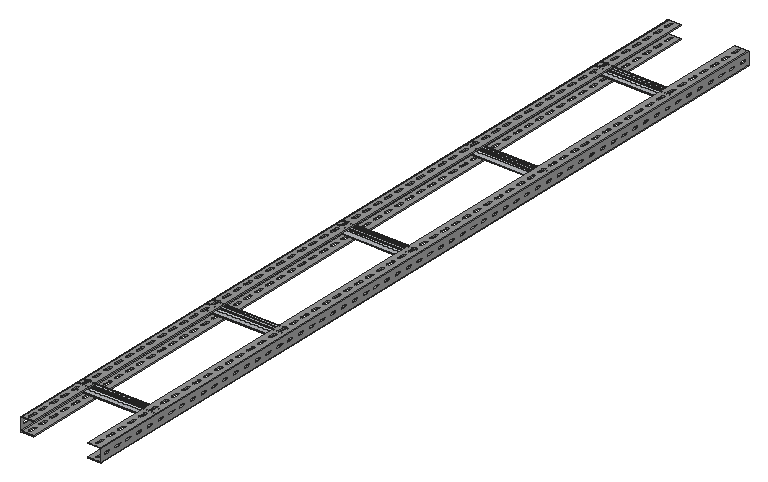
Revit family "steigeleiter_3_FT_FTSO_FTK_A2_A4.300rfa", category Generic Models, Revit 2017 (continued)
Forms (mm)
  Extrusion 306, void
    sketch origin (0, 200, 0) x (0, 1, 0) y (0, 0, 1)
      loop
        line (34.5, 30.5) -> (15.5, 30.5)
        arc (15.5, 30.5) -> (10, 25) -> (15.5, 19.5) r 5.5
        line (15.5, 19.5) -> (34.5, 19.5)
        arc (34.5, 19.5) -> (40, 25) -> (34.5, 30.5) r 5.5
    from -150 to -147.5
  Extrusion 307, void
    sketch origin (0, 250, 0) x (0, 1, 0) y (0, 0, 1)
      loop
        line (34.5, 30.5) -> (15.5, 30.5)
        arc (15.5, 30.5) -> (10, 25) -> (15.5, 19.5) r 5.5
        line (15.5, 19.5) -> (34.5, 19.5)
        arc (34.5, 19.5) -> (40, 25) -> (34.5, 30.5) r 5.5
    from -150 to -147.5
  Extrusion 308, void
    sketch origin (0, 300, 0) x (0, 1, 0) y (0, 0, 1)
      loop
        line (34.5, 30.5) -> (15.5, 30.5)
        arc (15.5, 30.5) -> (10, 25) -> (15.5, 19.5) r 5.5
        line (15.5, 19.5) -> (34.5, 19.5)
        arc (34.5, 19.5) -> (40, 25) -> (34.5, 30.5) r 5.5
    from -150 to -147.5
  Extrusion 309, void
    sketch origin (0, 350, 0) x (0, 1, 0) y (0, 0, 1)
      loop
        line (34.5, 30.5) -> (15.5, 30.5)
        arc (15.5, 30.5) -> (10, 25) -> (15.5, 19.5) r 5.5
        line (15.5, 19.5) -> (34.5, 19.5)
        arc (34.5, 19.5) -> (40, 25) -> (34.5, 30.5) r 5.5
    from -150 to -147.5
  Extrusion 310, void
    sketch origin (0, 400, 0) x (0, 1, 0) y (0, 0, 1)
      loop
        line (34.5, 30.5) -> (15.5, 30.5)
        arc (15.5, 30.5) -> (10, 25) -> (15.5, 19.5) r 5.5
        line (15.5, 19.5) -> (34.5, 19.5)
        arc (34.5, 19.5) -> (40, 25) -> (34.5, 30.5) r 5.5
    from -150 to -147.5
  Extrusion 311, void
    sketch origin (0, 450, 0) x (0, 1, 0) y (0, 0, 1)
      loop
        line (34.5, 30.5) -> (15.5, 30.5)
        arc (15.5, 30.5) -> (10, 25) -> (15.5, 19.5) r 5.5
        line (15.5, 19.5) -> (34.5, 19.5)
        arc (34.5, 19.5) -> (40, 25) -> (34.5, 30.5) r 5.5
    from -150 to -147.5
  Extrusion 312, void
    sketch origin (0, 500, 0) x (0, 1, 0) y (0, 0, 1)
      loop
        line (34.5, 30.5) -> (15.5, 30.5)
        arc (15.5, 30.5) -> (10, 25) -> (15.5, 19.5) r 5.5
        line (15.5, 19.5) -> (34.5, 19.5)
        arc (34.5, 19.5) -> (40, 25) -> (34.5, 30.5) r 5.5
    from -150 to -147.5
  Extrusion 313, void
    sketch origin (0, 550, 0) x (0, 1, 0) y (0, 0, 1)
      loop
        line (34.5, 30.5) -> (15.5, 30.5)
        arc (15.5, 30.5) -> (10, 25) -> (15.5, 19.5) r 5.5
        line (15.5, 19.5) -> (34.5, 19.5)
        arc (34.5, 19.5) -> (40, 25) -> (34.5, 30.5) r 5.5
    from -150 to -147.5
  Extrusion 314, void
    sketch origin (0, 600, 0) x (0, 1, 0) y (0, 0, 1)
      loop
        line (34.5, 30.5) -> (15.5, 30.5)
        arc (15.5, 30.5) -> (10, 25) -> (15.5, 19.5) r 5.5
        line (15.5, 19.5) -> (34.5, 19.5)
        arc (34.5, 19.5) -> (40, 25) -> (34.5, 30.5) r 5.5
    from -150 to -147.5
  Extrusion 315, void
    sketch origin (0, 650, 0) x (0, 1, 0) y (0, 0, 1)
      loop
        line (34.5, 30.5) -> (15.5, 30.5)
        arc (15.5, 30.5) -> (10, 25) -> (15.5, 19.5) r 5.5
        line (15.5, 19.5) -> (34.5, 19.5)
        arc (34.5, 19.5) -> (40, 25) -> (34.5, 30.5) r 5.5
    from -150 to -147.5
  Extrusion 316, void
    sketch origin (0, 700, 0) x (0, 1, 0) y (0, 0, 1)
      loop
        line (34.5, 30.5) -> (15.5, 30.5)
        arc (15.5, 30.5) -> (10, 25) -> (15.5, 19.5) r 5.5
        line (15.5, 19.5) -> (34.5, 19.5)
        arc (34.5, 19.5) -> (40, 25) -> (34.5, 30.5) r 5.5
    from -150 to -147.5
  Extrusion 317, void
    sketch origin (0, 750, 0) x (0, 1, 0) y (0, 0, 1)
      loop
        line (34.5, 30.5) -> (15.5, 30.5)
        arc (15.5, 30.5) -> (10, 25) -> (15.5, 19.5) r 5.5
        line (15.5, 19.5) -> (34.5, 19.5)
        arc (34.5, 19.5) -> (40, 25) -> (34.5, 30.5) r 5.5
    from -150 to -147.5
  Extrusion 318, void
    sketch origin (0, 800, 0) x (0, 1, 0) y (0, 0, 1)
      loop
        line (34.5, 30.5) -> (15.5, 30.5)
        arc (15.5, 30.5) -> (10, 25) -> (15.5, 19.5) r 5.5
        line (15.5, 19.5) -> (34.5, 19.5)
        arc (34.5, 19.5) -> (40, 25) -> (34.5, 30.5) r 5.5
    from -150 to -147.5
  Extrusion 319, void
    sketch origin (0, 850, 0) x (0, 1, 0) y (0, 0, 1)
      loop
        line (34.5, 30.5) -> (15.5, 30.5)
        arc (15.5, 30.5) -> (10, 25) -> (15.5, 19.5) r 5.5
        line (15.5, 19.5) -> (34.5, 19.5)
        arc (34.5, 19.5) -> (40, 25) -> (34.5, 30.5) r 5.5
    from -150 to -147.5
  Extrusion 320, void
    sketch origin (0, 900, 0) x (0, 1, 0) y (0, 0, 1)
      loop
        line (34.5, 30.5) -> (15.5, 30.5)
        arc (15.5, 30.5) -> (10, 25) -> (15.5, 19.5) r 5.5
        line (15.5, 19.5) -> (34.5, 19.5)
        arc (34.5, 19.5) -> (40, 25) -> (34.5, 30.5) r 5.5
    from -150 to -147.5
  Extrusion 321, void
    sketch origin (0, 950, 0) x (0, 1, 0) y (0, 0, 1)
      loop
        line (34.5, 30.5) -> (15.5, 30.5)
        arc (15.5, 30.5) -> (10, 25) -> (15.5, 19.5) r 5.5
        line (15.5, 19.5) -> (34.5, 19.5)
        arc (34.5, 19.5) -> (40, 25) -> (34.5, 30.5) r 5.5
    from -150 to -147.5
  Extrusion 322, void
    sketch origin (0, 1000, 0) x (0, 1, 0) y (0, 0, 1)
      loop
        line (34.5, 30.5) -> (15.5, 30.5)
        arc (15.5, 30.5) -> (10, 25) -> (15.5, 19.5) r 5.5
        line (15.5, 19.5) -> (34.5, 19.5)
        arc (34.5, 19.5) -> (40, 25) -> (34.5, 30.5) r 5.5
    from -150 to -147.5
  Extrusion 323, void
    sketch origin (0, 1050, 0) x (0, 1, 0) y (0, 0, 1)
      loop
        line (34.5, 30.5) -> (15.5, 30.5)
        arc (15.5, 30.5) -> (10, 25) -> (15.5, 19.5) r 5.5
        line (15.5, 19.5) -> (34.5, 19.5)
        arc (34.5, 19.5) -> (40, 25) -> (34.5, 30.5) r 5.5
    from -150 to -147.5
  Extrusion 324, void
    sketch origin (0, 1100, 0) x (0, 1, 0) y (0, 0, 1)
      loop
        line (34.5, 30.5) -> (15.5, 30.5)
        arc (15.5, 30.5) -> (10, 25) -> (15.5, 19.5) r 5.5
        line (15.5, 19.5) -> (34.5, 19.5)
        arc (34.5, 19.5) -> (40, 25) -> (34.5, 30.5) r 5.5
    from -150 to -147.5
  Extrusion 325, void
    sketch origin (0, 1150, 0) x (0, 1, 0) y (0, 0, 1)
      loop
        line (34.5, 30.5) -> (15.5, 30.5)
        arc (15.5, 30.5) -> (10, 25) -> (15.5, 19.5) r 5.5
        line (15.5, 19.5) -> (34.5, 19.5)
        arc (34.5, 19.5) -> (40, 25) -> (34.5, 30.5) r 5.5
    from -150 to -147.5
  Extrusion 326, void
    sketch origin (0, 1200, 0) x (0, 1, 0) y (0, 0, 1)
      loop
        line (34.5, 30.5) -> (15.5, 30.5)
        arc (15.5, 30.5) -> (10, 25) -> (15.5, 19.5) r 5.5
        line (15.5, 19.5) -> (34.5, 19.5)
        arc (34.5, 19.5) -> (40, 25) -> (34.5, 30.5) r 5.5
    from -150 to -147.5
  Extrusion 327, void
    sketch origin (0, 1250, 0) x (0, 1, 0) y (0, 0, 1)
      loop
        line (34.5, 30.5) -> (15.5, 30.5)
        arc (15.5, 30.5) -> (10, 25) -> (15.5, 19.5) r 5.5
        line (15.5, 19.5) -> (34.5, 19.5)
        arc (34.5, 19.5) -> (40, 25) -> (34.5, 30.5) r 5.5
    from -150 to -147.5
  Extrusion 328, void
    sketch origin (0, 1300, 0) x (0, 1, 0) y (0, 0, 1)
      loop
        line (34.5, 30.5) -> (15.5, 30.5)
        arc (15.5, 30.5) -> (10, 25) -> (15.5, 19.5) r 5.5
        line (15.5, 19.5) -> (34.5, 19.5)
        arc (34.5, 19.5) -> (40, 25) -> (34.5, 30.5) r 5.5
    from -150 to -147.5
  Extrusion 329, void
    sketch origin (0, 1350, 0) x (0, 1, 0) y (0, 0, 1)
      loop
        line (34.5, 30.5) -> (15.5, 30.5)
        arc (15.5, 30.5) -> (10, 25) -> (15.5, 19.5) r 5.5
        line (15.5, 19.5) -> (34.5, 19.5)
        arc (34.5, 19.5) -> (40, 25) -> (34.5, 30.5) r 5.5
    from -150 to -147.5
  Extrusion 330, void
    sketch origin (0, 1400, 0) x (0, 1, 0) y (0, 0, 1)
      loop
        line (34.5, 30.5) -> (15.5, 30.5)
        arc (15.5, 30.5) -> (10, 25) -> (15.5, 19.5) r 5.5
        line (15.5, 19.5) -> (34.5, 19.5)
        arc (34.5, 19.5) -> (40, 25) -> (34.5, 30.5) r 5.5
    from -150 to -147.5
  Extrusion 331, void
    sketch origin (0, 1450, 0) x (0, 1, 0) y (0, 0, 1)
      loop
        line (34.5, 30.5) -> (15.5, 30.5)
        arc (15.5, 30.5) -> (10, 25) -> (15.5, 19.5) r 5.5
        line (15.5, 19.5) -> (34.5, 19.5)
        arc (34.5, 19.5) -> (40, 25) -> (34.5, 30.5) r 5.5
    from -150 to -147.5
  Extrusion 332, void
    sketch origin (0, 1500, 0) x (0, 1, 0) y (0, 0, 1)
      loop
        line (34.5, 30.5) -> (15.5, 30.5)
        arc (15.5, 30.5) -> (10, 25) -> (15.5, 19.5) r 5.5
        line (15.5, 19.5) -> (34.5, 19.5)
        arc (34.5, 19.5) -> (40, 25) -> (34.5, 30.5) r 5.5
    from -150 to -147.5
  Extrusion 333, void
    sketch origin (0, 1550, 0) x (0, 1, 0) y (0, 0, 1)
      loop
        line (34.5, 30.5) -> (15.5, 30.5)
        arc (15.5, 30.5) -> (10, 25) -> (15.5, 19.5) r 5.5
        line (15.5, 19.5) -> (34.5, 19.5)
        arc (34.5, 19.5) -> (40, 25) -> (34.5, 30.5) r 5.5
    from -150 to -147.5
  Extrusion 334, void
    sketch origin (0, 1600, 0) x (0, 1, 0) y (0, 0, 1)
      loop
        line (34.5, 30.5) -> (15.5, 30.5)
        arc (15.5, 30.5) -> (10, 25) -> (15.5, 19.5) r 5.5
        line (15.5, 19.5) -> (34.5, 19.5)
        arc (34.5, 19.5) -> (40, 25) -> (34.5, 30.5) r 5.5
    from -150 to -147.5
  Extrusion 335, void
    sketch origin (0, 1650, 0) x (0, 1, 0) y (0, 0, 1)
      loop
        line (34.5, 30.5) -> (15.5, 30.5)
        arc (15.5, 30.5) -> (10, 25) -> (15.5, 19.5) r 5.5
        line (15.5, 19.5) -> (34.5, 19.5)
        arc (34.5, 19.5) -> (40, 25) -> (34.5, 30.5) r 5.5
    from -150 to -147.5
  Extrusion 336, void
    sketch origin (0, 1700, 0) x (0, 1, 0) y (0, 0, 1)
      loop
        line (34.5, 30.5) -> (15.5, 30.5)
        arc (15.5, 30.5) -> (10, 25) -> (15.5, 19.5) r 5.5
        line (15.5, 19.5) -> (34.5, 19.5)
        arc (34.5, 19.5) -> (40, 25) -> (34.5, 30.5) r 5.5
    from -150 to -147.5
  Extrusion 337, void
    sketch origin (0, 1750, 0) x (0, 1, 0) y (0, 0, 1)
      loop
        line (34.5, 30.5) -> (15.5, 30.5)
        arc (15.5, 30.5) -> (10, 25) -> (15.5, 19.5) r 5.5
        line (15.5, 19.5) -> (34.5, 19.5)
        arc (34.5, 19.5) -> (40, 25) -> (34.5, 30.5) r 5.5
    from -150 to -147.5
  Extrusion 338, void
    sketch origin (0, 1800, 0) x (0, 1, 0) y (0, 0, 1)
      loop
        line (34.5, 30.5) -> (15.5, 30.5)
        arc (15.5, 30.5) -> (10, 25) -> (15.5, 19.5) r 5.5
        line (15.5, 19.5) -> (34.5, 19.5)
        arc (34.5, 19.5) -> (40, 25) -> (34.5, 30.5) r 5.5
    from -150 to -147.5
  Extrusion 339, void
    sketch origin (0, 1850, 0) x (0, 1, 0) y (0, 0, 1)
      loop
        line (34.5, 30.5) -> (15.5, 30.5)
        arc (15.5, 30.5) -> (10, 25) -> (15.5, 19.5) r 5.5
        line (15.5, 19.5) -> (34.5, 19.5)
        arc (34.5, 19.5) -> (40, 25) -> (34.5, 30.5) r 5.5
    from -150 to -147.5
  Extrusion 340, void
    sketch origin (0, 1900, 0) x (0, 1, 0) y (0, 0, 1)
      loop
        line (34.5, 30.5) -> (15.5, 30.5)
        arc (15.5, 30.5) -> (10, 25) -> (15.5, 19.5) r 5.5
        line (15.5, 19.5) -> (34.5, 19.5)
        arc (34.5, 19.5) -> (40, 25) -> (34.5, 30.5) r 5.5
    from -150 to -147.5
  Extrusion 341, void
    sketch origin (0, 1950, 0) x (0, 1, 0) y (0, 0, 1)
      loop
        line (34.5, 30.5) -> (15.5, 30.5)
        arc (15.5, 30.5) -> (10, 25) -> (15.5, 19.5) r 5.5
        line (15.5, 19.5) -> (34.5, 19.5)
        arc (34.5, 19.5) -> (40, 25) -> (34.5, 30.5) r 5.5
    from -150 to -147.5
  Extrusion 342, void
    sketch origin (0, 2000, 0) x (0, 1, 0) y (0, 0, 1)
      loop
        line (34.5, 30.5) -> (15.5, 30.5)
        arc (15.5, 30.5) -> (10, 25) -> (15.5, 19.5) r 5.5
        line (15.5, 19.5) -> (34.5, 19.5)
        arc (34.5, 19.5) -> (40, 25) -> (34.5, 30.5) r 5.5
    from -150 to -147.5
  Extrusion 343, void
    sketch origin (0, 2050, 0) x (0, 1, 0) y (0, 0, 1)
      loop
        line (34.5, 30.5) -> (15.5, 30.5)
        arc (15.5, 30.5) -> (10, 25) -> (15.5, 19.5) r 5.5
        line (15.5, 19.5) -> (34.5, 19.5)
        arc (34.5, 19.5) -> (40, 25) -> (34.5, 30.5) r 5.5
    from -150 to -147.5
  Extrusion 344, void
    sketch origin (0, 2100, 0) x (0, 1, 0) y (0, 0, 1)
      loop
        line (34.5, 30.5) -> (15.5, 30.5)
        arc (15.5, 30.5) -> (10, 25) -> (15.5, 19.5) r 5.5
        line (15.5, 19.5) -> (34.5, 19.5)
        arc (34.5, 19.5) -> (40, 25) -> (34.5, 30.5) r 5.5
    from -150 to -147.5
  Extrusion 345, void
    sketch origin (0, 2150, 0) x (0, 1, 0) y (0, 0, 1)
      loop
        line (34.5, 30.5) -> (15.5, 30.5)
        arc (15.5, 30.5) -> (10, 25) -> (15.5, 19.5) r 5.5
        line (15.5, 19.5) -> (34.5, 19.5)
        arc (34.5, 19.5) -> (40, 25) -> (34.5, 30.5) r 5.5
    from -150 to -147.5
  Extrusion 346, void
    sketch origin (0, 2200, 0) x (0, 1, 0) y (0, 0, 1)
      loop
        line (34.5, 30.5) -> (15.5, 30.5)
        arc (15.5, 30.5) -> (10, 25) -> (15.5, 19.5) r 5.5
        line (15.5, 19.5) -> (34.5, 19.5)
        arc (34.5, 19.5) -> (40, 25) -> (34.5, 30.5) r 5.5
    from -150 to -147.5
  Extrusion 347, void
    sketch origin (0, 2250, 0) x (0, 1, 0) y (0, 0, 1)
      loop
        line (34.5, 30.5) -> (15.5, 30.5)
        arc (15.5, 30.5) -> (10, 25) -> (15.5, 19.5) r 5.5
        line (15.5, 19.5) -> (34.5, 19.5)
        arc (34.5, 19.5) -> (40, 25) -> (34.5, 30.5) r 5.5
    from -150 to -147.5
  Extrusion 348, void
    sketch origin (0, 2300, 0) x (0, 1, 0) y (0, 0, 1)
      loop
        line (34.5, 30.5) -> (15.5, 30.5)
        arc (15.5, 30.5) -> (10, 25) -> (15.5, 19.5) r 5.5
        line (15.5, 19.5) -> (34.5, 19.5)
        arc (34.5, 19.5) -> (40, 25) -> (34.5, 30.5) r 5.5
    from -150 to -147.5
  Extrusion 349, void
    sketch origin (0, 2350, 0) x (0, 1, 0) y (0, 0, 1)
      loop
        line (34.5, 30.5) -> (15.5, 30.5)
        arc (15.5, 30.5) -> (10, 25) -> (15.5, 19.5) r 5.5
        line (15.5, 19.5) -> (34.5, 19.5)
        arc (34.5, 19.5) -> (40, 25) -> (34.5, 30.5) r 5.5
    from -150 to -147.5
  Extrusion 350, void
    sketch origin (0, 2400, 0) x (0, 1, 0) y (0, 0, 1)
      loop
        line (34.5, 30.5) -> (15.5, 30.5)
        arc (15.5, 30.5) -> (10, 25) -> (15.5, 19.5) r 5.5
        line (15.5, 19.5) -> (34.5, 19.5)
        arc (34.5, 19.5) -> (40, 25) -> (34.5, 30.5) r 5.5
    from -150 to -147.5
  Extrusion 351, void
    sketch origin (0, 2450, 0) x (0, 1, 0) y (0, 0, 1)
      loop
        line (34.5, 30.5) -> (15.5, 30.5)
        arc (15.5, 30.5) -> (10, 25) -> (15.5, 19.5) r 5.5
        line (15.5, 19.5) -> (34.5, 19.5)
        arc (34.5, 19.5) -> (40, 25) -> (34.5, 30.5) r 5.5
    from -150 to -147.5
  Extrusion 352, void
    sketch origin (0, 2500, 0) x (0, 1, 0) y (0, 0, 1)
      loop
        line (34.5, 30.5) -> (15.5, 30.5)
        arc (15.5, 30.5) -> (10, 25) -> (15.5, 19.5) r 5.5
        line (15.5, 19.5) -> (34.5, 19.5)
        arc (34.5, 19.5) -> (40, 25) -> (34.5, 30.5) r 5.5
    from -150 to -147.5
  Extrusion 353, void
    sketch origin (0, 2550, 0) x (0, 1, 0) y (0, 0, 1)
      loop
        line (34.5, 30.5) -> (15.5, 30.5)
        arc (15.5, 30.5) -> (10, 25) -> (15.5, 19.5) r 5.5
        line (15.5, 19.5) -> (34.5, 19.5)
        arc (34.5, 19.5) -> (40, 25) -> (34.5, 30.5) r 5.5
    from -150 to -147.5
  Extrusion 354, void
    sketch origin (0, 2600, 0) x (0, 1, 0) y (0, 0, 1)
      loop
        line (34.5, 30.5) -> (15.5, 30.5)
        arc (15.5, 30.5) -> (10, 25) -> (15.5, 19.5) r 5.5
        line (15.5, 19.5) -> (34.5, 19.5)
        arc (34.5, 19.5) -> (40, 25) -> (34.5, 30.5) r 5.5
    from -150 to -147.5
  Extrusion 355, void
    sketch origin (0, 2650, 0) x (0, 1, 0) y (0, 0, 1)
      loop
        line (34.5, 30.5) -> (15.5, 30.5)
        arc (15.5, 30.5) -> (10, 25) -> (15.5, 19.5) r 5.5
        line (15.5, 19.5) -> (34.5, 19.5)
        arc (34.5, 19.5) -> (40, 25) -> (34.5, 30.5) r 5.5
    from -150 to -147.5
  Extrusion 356, void
    sketch origin (0, 2700, 0) x (0, 1, 0) y (0, 0, 1)
      loop
        line (34.5, 30.5) -> (15.5, 30.5)
        arc (15.5, 30.5) -> (10, 25) -> (15.5, 19.5) r 5.5
        line (15.5, 19.5) -> (34.5, 19.5)
        arc (34.5, 19.5) -> (40, 25) -> (34.5, 30.5) r 5.5
    from -150 to -147.5
  Extrusion 357, void
    sketch origin (0, 2750, 0) x (0, 1, 0) y (0, 0, 1)
      loop
        line (34.5, 30.5) -> (15.5, 30.5)
        arc (15.5, 30.5) -> (10, 25) -> (15.5, 19.5) r 5.5
        line (15.5, 19.5) -> (34.5, 19.5)
        arc (34.5, 19.5) -> (40, 25) -> (34.5, 30.5) r 5.5
    from -150 to -147.5
  Extrusion 358, void
    sketch origin (0, 2800, 0) x (0, 1, 0) y (0, 0, 1)
      loop
        line (34.5, 30.5) -> (15.5, 30.5)
        arc (15.5, 30.5) -> (10, 25) -> (15.5, 19.5) r 5.5
        line (15.5, 19.5) -> (34.5, 19.5)
        arc (34.5, 19.5) -> (40, 25) -> (34.5, 30.5) r 5.5
    from -150 to -147.5
  Extrusion 359, void
    sketch origin (0, 2850, 0) x (0, 1, 0) y (0, 0, 1)
      loop
        line (34.5, 30.5) -> (15.5, 30.5)
        arc (15.5, 30.5) -> (10, 25) -> (15.5, 19.5) r 5.5
        line (15.5, 19.5) -> (34.5, 19.5)
        arc (34.5, 19.5) -> (40, 25) -> (34.5, 30.5) r 5.5
    from -150 to -147.5
  Extrusion 360, void
    sketch origin (0, 2900, 0) x (0, 1, 0) y (0, 0, 1)
      loop
        line (34.5, 30.5) -> (15.5, 30.5)
        arc (15.5, 30.5) -> (10, 25) -> (15.5, 19.5) r 5.5
        line (15.5, 19.5) -> (34.5, 19.5)
        arc (34.5, 19.5) -> (40, 25) -> (34.5, 30.5) r 5.5
    from -150 to -147.5
  Extrusion 361, void
    sketch origin (0, 2950, 0) x (0, 1, 0) y (0, 0, 1)
      loop
        line (34.5, 30.5) -> (15.5, 30.5)
        arc (15.5, 30.5) -> (10, 25) -> (15.5, 19.5) r 5.5
        line (15.5, 19.5) -> (34.5, 19.5)
        arc (34.5, 19.5) -> (40, 25) -> (34.5, 30.5) r 5.5
    from -150 to -147.5
  Extrusion 362, solid
    sketch origin (0, 0, 0) x (0, 1, 0) y (0, 0, 1)
      loop
        arc (257.5, 27.041) -> (256.086, 27.627) -> (255.5, 29.041) r 2
        line (255.5, 29.041) -> (255.5, 43.5)
        arc (255.5, 43.5) -> (256.086, 44.914) -> (257.5, 45.5) r 2
        line (257.5, 45.5) -> (261.5, 45.5)
        arc (261.5, 45.5) -> (262.207, 45.207) -> (262.5, 44.5) r 1
        line (262.5, 44.5) -> (262.5, 42) -> (264.5, 42) -> (264.5, 44.5)
        arc (264.5, 44.5) -> (263.621, 46.621) -> (261.5, 47.5) r 3
        line (261.5, 47.5) -> (257.5, 47.5)
        arc (257.5, 47.5) -> (254.672, 46.328) -> (253.5, 43.5) r 4
        line (253.5, 43.5) -> (253.5, 29.041)
        arc (253.5, 29.041) -> (254.672, 26.213) -> (257.5, 25.041) r 4
        line (257.5, 25.041) -> (289.619, 25.041)
        arc (289.619, 25.041) -> (292.504, 26.236) -> (293.698, 29.121) r 4.079
        line (293.698, 29.121) -> (293.698, 43.416)
        arc (293.698, 43.416) -> (292.502, 46.304) -> (289.614, 47.5) r 4.084
        line (289.614, 47.5) -> (285.48, 47.5)
        arc (285.48, 47.5) -> (283.365, 46.624) -> (282.488, 44.508) r 2.992
        line (282.488, 44.508) -> (282.488, 42) -> (284.488, 42) -> (284.488, 44.528)
        arc (284.488, 44.528) -> (284.773, 45.215) -> (285.46, 45.5) r 0.972
        line (285.46, 45.5) -> (289.713, 45.5)
        arc (289.713, 45.5) -> (291.117, 44.919) -> (291.698, 43.515) r 1.985
        line (291.698, 43.515) -> (291.698, 29.041)
        arc (291.698, 29.041) -> (291.113, 27.627) -> (289.698, 27.041) r 2
        line (289.698, 27.041) -> (257.5, 27.041)
    from -147.5 to 147.5
  Extrusion 363, solid
    sketch origin (0, 600, 0) x (0, 1, 0) y (0, 0, 1)
      loop
        arc (257.5, 27.041) -> (256.086, 27.627) -> (255.5, 29.041) r 2
        line (255.5, 29.041) -> (255.5, 43.5)
        arc (255.5, 43.5) -> (256.086, 44.914) -> (257.5, 45.5) r 2
        line (257.5, 45.5) -> (261.5, 45.5)
        arc (261.5, 45.5) -> (262.207, 45.207) -> (262.5, 44.5) r 1
        line (262.5, 44.5) -> (262.5, 42) -> (264.5, 42) -> (264.5, 44.5)
        arc (264.5, 44.5) -> (263.621, 46.621) -> (261.5, 47.5) r 3
        line (261.5, 47.5) -> (257.5, 47.5)
        arc (257.5, 47.5) -> (254.672, 46.328) -> (253.5, 43.5) r 4
        line (253.5, 43.5) -> (253.5, 29.041)
        arc (253.5, 29.041) -> (254.672, 26.213) -> (257.5, 25.041) r 4
        line (257.5, 25.041) -> (289.619, 25.041)
        arc (289.619, 25.041) -> (292.504, 26.236) -> (293.698, 29.121) r 4.079
        line (293.698, 29.121) -> (293.698, 43.416)
        arc (293.698, 43.416) -> (292.502, 46.304) -> (289.614, 47.5) r 4.084
        line (289.614, 47.5) -> (285.48, 47.5)
        arc (285.48, 47.5) -> (283.365, 46.624) -> (282.488, 44.508) r 2.992
        line (282.488, 44.508) -> (282.488, 42) -> (284.488, 42) -> (284.488, 44.528)
        arc (284.488, 44.528) -> (284.773, 45.215) -> (285.46, 45.5) r 0.972
        line (285.46, 45.5) -> (289.713, 45.5)
        arc (289.713, 45.5) -> (291.117, 44.919) -> (291.698, 43.515) r 1.985
        line (291.698, 43.515) -> (291.698, 29.041)
        arc (291.698, 29.041) -> (291.113, 27.627) -> (289.698, 27.041) r 2
        line (289.698, 27.041) -> (257.5, 27.041)
    from -147.5 to 147.5
  Extrusion 364, solid
    sketch origin (0, 1200, 0) x (0, 1, 0) y (0, 0, 1)
      loop
        arc (257.5, 27.041) -> (256.086, 27.627) -> (255.5, 29.041) r 2
        line (255.5, 29.041) -> (255.5, 43.5)
        arc (255.5, 43.5) -> (256.086, 44.914) -> (257.5, 45.5) r 2
        line (257.5, 45.5) -> (261.5, 45.5)
        arc (261.5, 45.5) -> (262.207, 45.207) -> (262.5, 44.5) r 1
        line (262.5, 44.5) -> (262.5, 42) -> (264.5, 42) -> (264.5, 44.5)
        arc (264.5, 44.5) -> (263.621, 46.621) -> (261.5, 47.5) r 3
        line (261.5, 47.5) -> (257.5, 47.5)
        arc (257.5, 47.5) -> (254.672, 46.328) -> (253.5, 43.5) r 4
        line (253.5, 43.5) -> (253.5, 29.041)
        arc (253.5, 29.041) -> (254.672, 26.213) -> (257.5, 25.041) r 4
        line (257.5, 25.041) -> (289.619, 25.041)
        arc (289.619, 25.041) -> (292.504, 26.236) -> (293.698, 29.121) r 4.079
        line (293.698, 29.121) -> (293.698, 43.416)
        arc (293.698, 43.416) -> (292.502, 46.304) -> (289.614, 47.5) r 4.084
        line (289.614, 47.5) -> (285.48, 47.5)
        arc (285.48, 47.5) -> (283.365, 46.624) -> (282.488, 44.508) r 2.992
        line (282.488, 44.508) -> (282.488, 42) -> (284.488, 42) -> (284.488, 44.528)
        arc (284.488, 44.528) -> (284.773, 45.215) -> (285.46, 45.5) r 0.972
        line (285.46, 45.5) -> (289.713, 45.5)
        arc (289.713, 45.5) -> (291.117, 44.919) -> (291.698, 43.515) r 1.985
        line (291.698, 43.515) -> (291.698, 29.041)
        arc (291.698, 29.041) -> (291.113, 27.627) -> (289.698, 27.041) r 2
        line (289.698, 27.041) -> (257.5, 27.041)
    from -147.5 to 147.5
  Extrusion 365, solid
    sketch origin (0, 1800, 0) x (0, 1, 0) y (0, 0, 1)
      loop
        arc (257.5, 27.041) -> (256.086, 27.627) -> (255.5, 29.041) r 2
        line (255.5, 29.041) -> (255.5, 43.5)
        arc (255.5, 43.5) -> (256.086, 44.914) -> (257.5, 45.5) r 2
        line (257.5, 45.5) -> (261.5, 45.5)
        arc (261.5, 45.5) -> (262.207, 45.207) -> (262.5, 44.5) r 1
        line (262.5, 44.5) -> (262.5, 42) -> (264.5, 42) -> (264.5, 44.5)
        arc (264.5, 44.5) -> (263.621, 46.621) -> (261.5, 47.5) r 3
        line (261.5, 47.5) -> (257.5, 47.5)
        arc (257.5, 47.5) -> (254.672, 46.328) -> (253.5, 43.5) r 4
        line (253.5, 43.5) -> (253.5, 29.041)
        arc (253.5, 29.041) -> (254.672, 26.213) -> (257.5, 25.041) r 4
        line (257.5, 25.041) -> (289.619, 25.041)
        arc (289.619, 25.041) -> (292.504, 26.236) -> (293.698, 29.121) r 4.079
        line (293.698, 29.121) -> (293.698, 43.416)
        arc (293.698, 43.416) -> (292.502, 46.304) -> (289.614, 47.5) r 4.084
        line (289.614, 47.5) -> (285.48, 47.5)
        arc (285.48, 47.5) -> (283.365, 46.624) -> (282.488, 44.508) r 2.992
        line (282.488, 44.508) -> (282.488, 42) -> (284.488, 42) -> (284.488, 44.528)
        arc (284.488, 44.528) -> (284.773, 45.215) -> (285.46, 45.5) r 0.972
        line (285.46, 45.5) -> (289.713, 45.5)
        arc (289.713, 45.5) -> (291.117, 44.919) -> (291.698, 43.515) r 1.985
        line (291.698, 43.515) -> (291.698, 29.041)
        arc (291.698, 29.041) -> (291.113, 27.627) -> (289.698, 27.041) r 2
        line (289.698, 27.041) -> (257.5, 27.041)
    from -147.5 to 147.5
  Extrusion 366, solid
    sketch origin (0, 2400, 0) x (0, 1, 0) y (0, 0, 1)
      loop
        arc (257.5, 27.041) -> (256.086, 27.627) -> (255.5, 29.041) r 2
        line (255.5, 29.041) -> (255.5, 43.5)
        arc (255.5, 43.5) -> (256.086, 44.914) -> (257.5, 45.5) r 2
        line (257.5, 45.5) -> (261.5, 45.5)
        arc (261.5, 45.5) -> (262.207, 45.207) -> (262.5, 44.5) r 1
        line (262.5, 44.5) -> (262.5, 42) -> (264.5, 42) -> (264.5, 44.5)
        arc (264.5, 44.5) -> (263.621, 46.621) -> (261.5, 47.5) r 3
        line (261.5, 47.5) -> (257.5, 47.5)
        arc (257.5, 47.5) -> (254.672, 46.328) -> (253.5, 43.5) r 4
        line (253.5, 43.5) -> (253.5, 29.041)
        arc (253.5, 29.041) -> (254.672, 26.213) -> (257.5, 25.041) r 4
        line (257.5, 25.041) -> (289.619, 25.041)
        arc (289.619, 25.041) -> (292.504, 26.236) -> (293.698, 29.121) r 4.079
        line (293.698, 29.121) -> (293.698, 43.416)
        arc (293.698, 43.416) -> (292.502, 46.304) -> (289.614, 47.5) r 4.084
        line (289.614, 47.5) -> (285.48, 47.5)
        arc (285.48, 47.5) -> (283.365, 46.624) -> (282.488, 44.508) r 2.992
        line (282.488, 44.508) -> (282.488, 42) -> (284.488, 42) -> (284.488, 44.528)
        arc (284.488, 44.528) -> (284.773, 45.215) -> (285.46, 45.5) r 0.972
        line (285.46, 45.5) -> (289.713, 45.5)
        arc (289.713, 45.5) -> (291.117, 44.919) -> (291.698, 43.515) r 1.985
        line (291.698, 43.515) -> (291.698, 29.041)
        arc (291.698, 29.041) -> (291.113, 27.627) -> (289.698, 27.041) r 2
        line (289.698, 27.041) -> (257.5, 27.041)
    from -147.5 to 147.5
Cuts and joins
  Extrusion 2, Extrusion 3, Extrusion 4, Extrusion 5, Extrusion 6, Extrusion 7, Extrusion 8, Extrusion 9, Extrusion 10, Extrusion 11, Extrusion 12, Extrusion 13, Extrusion 14, Extrusion 15, Extrusion 16, Extrusion 17, Extrusion 18, Extrusion 19, Extrusion 20, Extrusion 21, Extrusion 22, Extrusion 23, Extrusion 24, Extrusion 25, Extrusion 26, Extrusion 27, Extrusion 28, Extrusion 29, Extrusion 30, Extrusion 31, Extrusion 32, Extrusion 33, Extrusion 34, Extrusion 35, Extrusion 36, Extrusion 37, Extrusion 38, Extrusion 39, Extrusion 40, Extrusion 41, Extrusion 42, Extrusion 43, Extrusion 44, Extrusion 45, Extrusion 46, Extrusion 47, Extrusion 48, Extrusion 49, Extrusion 50, Extrusion 51, Extrusion 52, Extrusion 53, Extrusion 54, Extrusion 55, Extrusion 56, Extrusion 57, Extrusion 58, Extrusion 59, Extrusion 60, Extrusion 61, Extrusion 62, Extrusion 63, Extrusion 64, Extrusion 65, Extrusion 66, Extrusion 67, Extrusion 68, Extrusion 69, Extrusion 70, Extrusion 71, Extrusion 72, Extrusion 73, Extrusion 74, Extrusion 75, Extrusion 76, Extrusion 77, Extrusion 78, Extrusion 79, Extrusion 80, Extrusion 81, Extrusion 82, Extrusion 83, Extrusion 84, Extrusion 85, Extrusion 86, Extrusion 87, Extrusion 88, Extrusion 89, Extrusion 90, Extrusion 91, Extrusion 92, Extrusion 93, Extrusion 94, Extrusion 95, Extrusion 96, Extrusion 97, Extrusion 98, Extrusion 99, Extrusion 100, Extrusion 101, Extrusion 102, Extrusion 103, Extrusion 104, Extrusion 105, Extrusion 106, Extrusion 107, Extrusion 108, Extrusion 109, Extrusion 110, Extrusion 111, Extrusion 112, Extrusion 113, Extrusion 114, Extrusion 115, Extrusion 116, Extrusion 117, Extrusion 118, Extrusion 119, Extrusion 120, Extrusion 121, Extrusion 122, Extrusion 123, Extrusion 124, Extrusion 125, Extrusion 126, Extrusion 127, Extrusion 128, Extrusion 129, Extrusion 130, Extrusion 131, Extrusion 132, Extrusion 133, Extrusion 134, Extrusion 135, Extrusion 136, Extrusion 137, Extrusion 138, Extrusion 139, Extrusion 140, Extrusion 141, Extrusion 142, Extrusion 143, Extrusion 144, Extrusion 145, Extrusion 146, Extrusion 147, Extrusion 148, Extrusion 149, Extrusion 150, Extrusion 151, Extrusion 152, Extrusion 153, Extrusion 154, Extrusion 155, Extrusion 156, Extrusion 157, Extrusion 158, Extrusion 159, Extrusion 160, Extrusion 161, Extrusion 162, Extrusion 163, Extrusion 164, Extrusion 165, Extrusion 166, Extrusion 167, Extrusion 168, Extrusion 169, Extrusion 170, Extrusion 171, Extrusion 172, Extrusion 173, Extrusion 174, Extrusion 175, Extrusion 176, Extrusion 177, Extrusion 178, Extrusion 179, Extrusion 180, Extrusion 181, Extrusion 182, Extrusion 183, Extrusion 184, Extrusion 185, Extrusion 186, Extrusion 187, Extrusion 188, Extrusion 189, Extrusion 190, Extrusion 191, Extrusion 192, Extrusion 193, Extrusion 194, Extrusion 195, Extrusion 196, Extrusion 197, Extrusion 198, Extrusion 199, Extrusion 200, Extrusion 201, Extrusion 202, Extrusion 203, Extrusion 204, Extrusion 205, Extrusion 206, Extrusion 207, Extrusion 208, Extrusion 209, Extrusion 210, Extrusion 211, Extrusion 212, Extrusion 213, Extrusion 214, Extrusion 215, Extrusion 216, Extrusion 217, Extrusion 218, Extrusion 219, Extrusion 220, Extrusion 221, Extrusion 222, Extrusion 223, Extrusion 224, Extrusion 225, Extrusion 226, Extrusion 227, Extrusion 228, Extrusion 229, Extrusion 230, Extrusion 231, Extrusion 232, Extrusion 233, Extrusion 234, Extrusion 235, Extrusion 236, Extrusion 237, Extrusion 238, Extrusion 239, Extrusion 240, Extrusion 241, Extrusion 242, Extrusion 243, Extrusion 244, Extrusion 245, Extrusion 246, Extrusion 247, Extrusion 248, Extrusion 249, Extrusion 250, Extrusion 251, Extrusion 252, Extrusion 253, Extrusion 254, Extrusion 255, Extrusion 256, Extrusion 257, Extrusion 258, Extrusion 259, Extrusion 260, Extrusion 261, Extrusion 262, Extrusion 263, Extrusion 264, Extrusion 265, Extrusion 266, Extrusion 267, Extrusion 268, Extrusion 269, Extrusion 270, Extrusion 271, Extrusion 272, Extrusion 273, Extrusion 274, Extrusion 275, Extrusion 276, Extrusion 277, Extrusion 278, Extrusion 279, Extrusion 280, Extrusion 281, Extrusion 282, Extrusion 283, Extrusion 284, Extrusion 285, Extrusion 286, Extrusion 287, Extrusion 288, Extrusion 289, Extrusion 290, Extrusion 291, Extrusion 292, Extrusion 293, Extrusion 294, Extrusion 295, Extrusion 296, Extrusion 297, Extrusion 298, Extrusion 299, Extrusion 300, Extrusion 301, Extrusion 302, Extrusion 303, Extrusion 304, Extrusion 305, Extrusion 306, Extrusion 307, Extrusion 308, Extrusion 309, Extrusion 310, Extrusion 311, Extrusion 312, Extrusion 313, Extrusion 314, Extrusion 315, Extrusion 316, Extrusion 317, Extrusion 318, Extrusion 319, Extrusion 320, Extrusion 321, Extrusion 322, Extrusion 323, Extrusion 324, Extrusion 325, Extrusion 326, Extrusion 327, Extrusion 328, Extrusion 329, Extrusion 330, Extrusion 331, Extrusion 332, Extrusion 333, Extrusion 334, Extrusion 335, Extrusion 336, Extrusion 337, Extrusion 338, Extrusion 339, Extrusion 340, Extrusion 341, Extrusion 342, Extrusion 343, Extrusion 344, Extrusion 345, Extrusion 346, Extrusion 347, Extrusion 348, Extrusion 349, Extrusion 350, Extrusion 351, Extrusion 352, Extrusion 353, Extrusion 354, Extrusion 355, Extrusion 356, Extrusion 357, Extrusion 358, Extrusion 359, Extrusion 360, Extrusion 361 cuts Extrusion 1
Dimensions and locks
  locked: Extrusion 1 sketch curve to Extrusion 1 sketch curve at 2.5  (x6)
  Extrusion 1 sketch curve to Extrusion 1 sketch curve = 2.5 mm  (x3)
  locked: level to Extrusion 1 at 2.5
  "Length": plane 5 to plane 1 "Center (Front/Back)"
  locked: Extrusion 1 sketch curve to Extrusion 1 sketch curve at 50  (x6)
  Extrusion 1 sketch curve to Extrusion 1 sketch curve = 50 mm
  "Width": Extrusion 1 to Extrusion 1
  "Width 1": Extrusion 1 to plane 3 "Center (Left/Right)"
  Extrusion 2 sketch curve to Extrusion 2 sketch curve = 11 mm
  locked: Extrusion 3 sketch curve to Extrusion 3 sketch curve at 11
  locked: Extrusion 4 sketch curve to Extrusion 4 sketch curve at 11
  locked: Extrusion 5 sketch curve to Extrusion 5 sketch curve at 11
  equal spacing: group 3, group 4, group 5, group 6, group 7, group 8, group 9, group 10, group 11, group 12, group 13, group 14, group 15, group 16, group 17, group 18, group 19, group 20, group 21, group 22, group 23, group 24, group 25, group 26, group 27, group 28, group 29, group 30, group 31, group 32, group 33, group 34, group 35, group 36, group 37, group 38, group 39, group 40, group 41, group 42, group 43, group 44, group 45, group 46, group 47, group 48, group 49, group 50, group 51, group 52, group 53, group 54, group 55, group 56, group 57, group 58, group 59, group 60, group 61, group 62  (x3)
  locked: Extrusion 6 sketch curve to Extrusion 6 sketch curve at 11
  locked: Extrusion 7 sketch curve to Extrusion 7 sketch curve at 11
  locked: Extrusion 8 sketch curve to Extrusion 8 sketch curve at 11
  locked: Extrusion 9 sketch curve to Extrusion 9 sketch curve at 11
  locked: Extrusion 10 sketch curve to Extrusion 10 sketch curve at 11
  locked: Extrusion 11 sketch curve to Extrusion 11 sketch curve at 11
  locked: Extrusion 12 sketch curve to Extrusion 12 sketch curve at 11
  locked: Extrusion 13 sketch curve to Extrusion 13 sketch curve at 11
  locked: Extrusion 14 sketch curve to Extrusion 14 sketch curve at 11
  locked: Extrusion 15 sketch curve to Extrusion 15 sketch curve at 11
  locked: Extrusion 16 sketch curve to Extrusion 16 sketch curve at 11
  locked: Extrusion 17 sketch curve to Extrusion 17 sketch curve at 11
  locked: Extrusion 18 sketch curve to Extrusion 18 sketch curve at 11
  locked: Extrusion 19 sketch curve to Extrusion 19 sketch curve at 11
  locked: Extrusion 20 sketch curve to Extrusion 20 sketch curve at 11
  locked: Extrusion 21 sketch curve to Extrusion 21 sketch curve at 11
  locked: Extrusion 22 sketch curve to Extrusion 22 sketch curve at 11
  locked: Extrusion 23 sketch curve to Extrusion 23 sketch curve at 11
  locked: Extrusion 24 sketch curve to Extrusion 24 sketch curve at 11
  locked: Extrusion 25 sketch curve to Extrusion 25 sketch curve at 11
  locked: Extrusion 26 sketch curve to Extrusion 26 sketch curve at 11
  locked: Extrusion 27 sketch curve to Extrusion 27 sketch curve at 11
  locked: Extrusion 28 sketch curve to Extrusion 28 sketch curve at 11
  locked: Extrusion 29 sketch curve to Extrusion 29 sketch curve at 11
  locked: Extrusion 30 sketch curve to Extrusion 30 sketch curve at 11
  locked: Extrusion 31 sketch curve to Extrusion 31 sketch curve at 11
  locked: Extrusion 32 sketch curve to Extrusion 32 sketch curve at 11
  locked: Extrusion 33 sketch curve to Extrusion 33 sketch curve at 11
  locked: Extrusion 34 sketch curve to Extrusion 34 sketch curve at 11
  locked: Extrusion 35 sketch curve to Extrusion 35 sketch curve at 11
  locked: Extrusion 36 sketch curve to Extrusion 36 sketch curve at 11
  locked: Extrusion 37 sketch curve to Extrusion 37 sketch curve at 11
  locked: Extrusion 38 sketch curve to Extrusion 38 sketch curve at 11
  locked: Extrusion 39 sketch curve to Extrusion 39 sketch curve at 11
  locked: Extrusion 40 sketch curve to Extrusion 40 sketch curve at 11
  locked: Extrusion 41 sketch curve to Extrusion 41 sketch curve at 11
  locked: Extrusion 42 sketch curve to Extrusion 42 sketch curve at 11
  locked: Extrusion 43 sketch curve to Extrusion 43 sketch curve at 11
  locked: Extrusion 44 sketch curve to Extrusion 44 sketch curve at 11
  locked: Extrusion 45 sketch curve to Extrusion 45 sketch curve at 11
  locked: Extrusion 46 sketch curve to Extrusion 46 sketch curve at 11
  locked: Extrusion 47 sketch curve to Extrusion 47 sketch curve at 11
  locked: Extrusion 48 sketch curve to Extrusion 48 sketch curve at 11
  locked: Extrusion 49 sketch curve to Extrusion 49 sketch curve at 11
  locked: Extrusion 50 sketch curve to Extrusion 50 sketch curve at 11
  locked: Extrusion 51 sketch curve to Extrusion 51 sketch curve at 11
  locked: Extrusion 52 sketch curve to Extrusion 52 sketch curve at 11
  locked: Extrusion 53 sketch curve to Extrusion 53 sketch curve at 11
  locked: Extrusion 54 sketch curve to Extrusion 54 sketch curve at 11
  locked: Extrusion 55 sketch curve to Extrusion 55 sketch curve at 11
  locked: Extrusion 56 sketch curve to Extrusion 56 sketch curve at 11
  locked: Extrusion 57 sketch curve to Extrusion 57 sketch curve at 11
  locked: Extrusion 58 sketch curve to Extrusion 58 sketch curve at 11
  locked: Extrusion 59 sketch curve to Extrusion 59 sketch curve at 11
  locked: Extrusion 60 sketch curve to Extrusion 60 sketch curve at 11
  locked: Extrusion 61 sketch curve to Extrusion 61 sketch curve at 11
  locked: Extrusion 62 sketch curve to Extrusion 62 sketch curve at 11
  locked: Extrusion 63 sketch curve to Extrusion 63 sketch curve at 11
  locked: Extrusion 64 sketch curve to Extrusion 64 sketch curve at 11
  locked: Extrusion 65 sketch curve to Extrusion 65 sketch curve at 11
  equal spacing: group 2, group 63, group 64, group 65, group 66, group 67, group 68, group 69, group 70, group 71, group 72, group 73, group 74, group 75, group 76, group 77, group 78, group 79, group 80, group 81, group 82, group 83, group 84, group 85, group 86, group 87, group 88, group 89, group 90, group 91, group 92, group 93, group 94, group 95, group 96, group 97, group 98, group 99, group 100, group 101, group 102, group 103, group 104, group 105, group 106, group 107, group 108, group 109, group 110, group 111, group 112, group 113, group 114, group 115, group 116, group 117, group 118, group 119, group 120, group 121  (x3)
  locked: Extrusion 66 sketch curve to Extrusion 66 sketch curve at 11
  locked: Extrusion 67 sketch curve to Extrusion 67 sketch curve at 11
  locked: Extrusion 68 sketch curve to Extrusion 68 sketch curve at 11
  locked: Extrusion 69 sketch curve to Extrusion 69 sketch curve at 11
  locked: Extrusion 70 sketch curve to Extrusion 70 sketch curve at 11
  locked: Extrusion 71 sketch curve to Extrusion 71 sketch curve at 11
  locked: Extrusion 72 sketch curve to Extrusion 72 sketch curve at 11
  locked: Extrusion 73 sketch curve to Extrusion 73 sketch curve at 11
  locked: Extrusion 74 sketch curve to Extrusion 74 sketch curve at 11
  locked: Extrusion 75 sketch curve to Extrusion 75 sketch curve at 11
  locked: Extrusion 76 sketch curve to Extrusion 76 sketch curve at 11
  locked: Extrusion 77 sketch curve to Extrusion 77 sketch curve at 11
  locked: Extrusion 78 sketch curve to Extrusion 78 sketch curve at 11
  locked: Extrusion 79 sketch curve to Extrusion 79 sketch curve at 11
  locked: Extrusion 80 sketch curve to Extrusion 80 sketch curve at 11
  locked: Extrusion 81 sketch curve to Extrusion 81 sketch curve at 11
  locked: Extrusion 82 sketch curve to Extrusion 82 sketch curve at 11
  locked: Extrusion 83 sketch curve to Extrusion 83 sketch curve at 11
  locked: Extrusion 84 sketch curve to Extrusion 84 sketch curve at 11
  locked: Extrusion 85 sketch curve to Extrusion 85 sketch curve at 11
  locked: Extrusion 86 sketch curve to Extrusion 86 sketch curve at 11
  locked: Extrusion 87 sketch curve to Extrusion 87 sketch curve at 11
  locked: Extrusion 88 sketch curve to Extrusion 88 sketch curve at 11
  locked: Extrusion 89 sketch curve to Extrusion 89 sketch curve at 11
  locked: Extrusion 90 sketch curve to Extrusion 90 sketch curve at 11
  locked: Extrusion 91 sketch curve to Extrusion 91 sketch curve at 11
  locked: Extrusion 92 sketch curve to Extrusion 92 sketch curve at 11
  locked: Extrusion 93 sketch curve to Extrusion 93 sketch curve at 11
  locked: Extrusion 94 sketch curve to Extrusion 94 sketch curve at 11
  locked: Extrusion 95 sketch curve to Extrusion 95 sketch curve at 11
  locked: Extrusion 96 sketch curve to Extrusion 96 sketch curve at 11
  locked: Extrusion 97 sketch curve to Extrusion 97 sketch curve at 11
  locked: Extrusion 98 sketch curve to Extrusion 98 sketch curve at 11
  locked: Extrusion 99 sketch curve to Extrusion 99 sketch curve at 11
  locked: Extrusion 100 sketch curve to Extrusion 100 sketch curve at 11
  locked: Extrusion 101 sketch curve to Extrusion 101 sketch curve at 11
  locked: Extrusion 102 sketch curve to Extrusion 102 sketch curve at 11
  locked: Extrusion 103 sketch curve to Extrusion 103 sketch curve at 11
  locked: Extrusion 104 sketch curve to Extrusion 104 sketch curve at 11
  locked: Extrusion 105 sketch curve to Extrusion 105 sketch curve at 11
  locked: Extrusion 106 sketch curve to Extrusion 106 sketch curve at 11
  locked: Extrusion 107 sketch curve to Extrusion 107 sketch curve at 11
  locked: Extrusion 108 sketch curve to Extrusion 108 sketch curve at 11
  locked: Extrusion 109 sketch curve to Extrusion 109 sketch curve at 11
  locked: Extrusion 110 sketch curve to Extrusion 110 sketch curve at 11
  locked: Extrusion 111 sketch curve to Extrusion 111 sketch curve at 11
  locked: Extrusion 112 sketch curve to Extrusion 112 sketch curve at 11
  locked: Extrusion 113 sketch curve to Extrusion 113 sketch curve at 11
  locked: Extrusion 114 sketch curve to Extrusion 114 sketch curve at 11
  locked: Extrusion 115 sketch curve to Extrusion 115 sketch curve at 11
  locked: Extrusion 116 sketch curve to Extrusion 116 sketch curve at 11
  locked: Extrusion 117 sketch curve to Extrusion 117 sketch curve at 11
  locked: Extrusion 118 sketch curve to Extrusion 118 sketch curve at 11
  locked: Extrusion 119 sketch curve to Extrusion 119 sketch curve at 11
  locked: Extrusion 120 sketch curve to Extrusion 120 sketch curve at 11
  locked: Extrusion 121 sketch curve to Extrusion 121 sketch curve at 11
  locked: Extrusion 122 sketch curve to Extrusion 122 sketch curve at 11
  locked: Extrusion 123 sketch curve to Extrusion 123 sketch curve at 11
  Extrusion 124 sketch curve to Extrusion 124 sketch curve = 11 mm
  equal spacing: group 1, group 122, group 123, group 124, group 125, group 126, group 127, group 128, group 129, group 130, group 131, group 132, group 133, group 134, group 135, group 136, group 137, group 138, group 139, group 140, group 141, group 142, group 143, group 144, group 145, group 146, group 147, group 148, group 149, group 150, group 151, group 152, group 153, group 154, group 155, group 156, group 157, group 158, group 159, group 160, group 161, group 162, group 163, group 164, group 165, group 166, group 167, group 168, group 169, group 170, group 171, group 172, group 173, group 174, group 175, group 176, group 177, group 178, group 179, group 180  (x3)
  Extrusion 125 sketch curve to Extrusion 125 sketch curve = 11 mm
  Extrusion 126 sketch curve to Extrusion 126 sketch curve = 11 mm
  Extrusion 127 sketch curve to Extrusion 127 sketch curve = 11 mm
  Extrusion 128 sketch curve to Extrusion 128 sketch curve = 11 mm
  Extrusion 129 sketch curve to Extrusion 129 sketch curve = 11 mm
  Extrusion 130 sketch curve to Extrusion 130 sketch curve = 11 mm
  Extrusion 131 sketch curve to Extrusion 131 sketch curve = 11 mm
  Extrusion 132 sketch curve to Extrusion 132 sketch curve = 11 mm
  Extrusion 133 sketch curve to Extrusion 133 sketch curve = 11 mm
  Extrusion 134 sketch curve to Extrusion 134 sketch curve = 11 mm
  Extrusion 135 sketch curve to Extrusion 135 sketch curve = 11 mm
  Extrusion 136 sketch curve to Extrusion 136 sketch curve = 11 mm
  Extrusion 137 sketch curve to Extrusion 137 sketch curve = 11 mm
  Extrusion 138 sketch curve to Extrusion 138 sketch curve = 11 mm
  Extrusion 139 sketch curve to Extrusion 139 sketch curve = 11 mm
  Extrusion 140 sketch curve to Extrusion 140 sketch curve = 11 mm
  Extrusion 141 sketch curve to Extrusion 141 sketch curve = 11 mm
  Extrusion 142 sketch curve to Extrusion 142 sketch curve = 11 mm
  Extrusion 143 sketch curve to Extrusion 143 sketch curve = 11 mm
  Extrusion 144 sketch curve to Extrusion 144 sketch curve = 11 mm
  Extrusion 145 sketch curve to Extrusion 145 sketch curve = 11 mm
  Extrusion 146 sketch curve to Extrusion 146 sketch curve = 11 mm
  Extrusion 147 sketch curve to Extrusion 147 sketch curve = 11 mm
  Extrusion 148 sketch curve to Extrusion 148 sketch curve = 11 mm
  Extrusion 149 sketch curve to Extrusion 149 sketch curve = 11 mm
  Extrusion 150 sketch curve to Extrusion 150 sketch curve = 11 mm
  Extrusion 151 sketch curve to Extrusion 151 sketch curve = 11 mm
  Extrusion 152 sketch curve to Extrusion 152 sketch curve = 11 mm
  Extrusion 153 sketch curve to Extrusion 153 sketch curve = 11 mm
  Extrusion 154 sketch curve to Extrusion 154 sketch curve = 11 mm
  Extrusion 155 sketch curve to Extrusion 155 sketch curve = 11 mm
  Extrusion 156 sketch curve to Extrusion 156 sketch curve = 11 mm
  Extrusion 157 sketch curve to Extrusion 157 sketch curve = 11 mm
  Extrusion 158 sketch curve to Extrusion 158 sketch curve = 11 mm
  Extrusion 159 sketch curve to Extrusion 159 sketch curve = 11 mm
  Extrusion 160 sketch curve to Extrusion 160 sketch curve = 11 mm
  Extrusion 161 sketch curve to Extrusion 161 sketch curve = 11 mm
  Extrusion 162 sketch curve to Extrusion 162 sketch curve = 11 mm
  Extrusion 163 sketch curve to Extrusion 163 sketch curve = 11 mm
  Extrusion 164 sketch curve to Extrusion 164 sketch curve = 11 mm
  Extrusion 165 sketch curve to Extrusion 165 sketch curve = 11 mm
  Extrusion 166 sketch curve to Extrusion 166 sketch curve = 11 mm
  Extrusion 167 sketch curve to Extrusion 167 sketch curve = 11 mm
  Extrusion 168 sketch curve to Extrusion 168 sketch curve = 11 mm
  Extrusion 169 sketch curve to Extrusion 169 sketch curve = 11 mm
  Extrusion 170 sketch curve to Extrusion 170 sketch curve = 11 mm
  Extrusion 171 sketch curve to Extrusion 171 sketch curve = 11 mm
  Extrusion 172 sketch curve to Extrusion 172 sketch curve = 11 mm
  Extrusion 173 sketch curve to Extrusion 173 sketch curve = 11 mm
  Extrusion 174 sketch curve to Extrusion 174 sketch curve = 11 mm
  Extrusion 175 sketch curve to Extrusion 175 sketch curve = 11 mm
  Extrusion 176 sketch curve to Extrusion 176 sketch curve = 11 mm
  Extrusion 177 sketch curve to Extrusion 177 sketch curve = 11 mm
  Extrusion 178 sketch curve to Extrusion 178 sketch curve = 11 mm
  Extrusion 179 sketch curve to Extrusion 179 sketch curve = 11 mm
  Extrusion 180 sketch curve to Extrusion 180 sketch curve = 11 mm
  Extrusion 181 sketch curve to Extrusion 181 sketch curve = 11 mm
  Extrusion 182 sketch curve to Extrusion 182 sketch curve = 11 mm
  locked: Extrusion 183 sketch curve to Extrusion 183 sketch curve at 11
  equal spacing: group 181, group 182, group 183, group 184, group 185, group 186, group 187, group 188, group 189, group 190, group 191, group 192, group 193, group 194, group 195, group 196, group 197, group 198, group 199, group 200, group 201, group 202, group 203, group 204, group 205, group 206, group 207, group 208, group 209, group 210, group 211, group 212, group 213, group 214, group 215, group 216, group 217, group 218, group 219, group 220, group 221, group 222, group 223, group 224, group 225, group 226, group 227, group 228, group 229, group 230, group 231, group 232, group 233, group 234, group 235, group 236, group 237, group 238, group 239, group 240  (x3)
  locked: Extrusion 184 sketch curve to Extrusion 184 sketch curve at 11
  locked: Extrusion 185 sketch curve to Extrusion 185 sketch curve at 11
  locked: Extrusion 186 sketch curve to Extrusion 186 sketch curve at 11
  locked: Extrusion 187 sketch curve to Extrusion 187 sketch curve at 11
  locked: Extrusion 188 sketch curve to Extrusion 188 sketch curve at 11
  locked: Extrusion 189 sketch curve to Extrusion 189 sketch curve at 11
  locked: Extrusion 190 sketch curve to Extrusion 190 sketch curve at 11
  locked: Extrusion 191 sketch curve to Extrusion 191 sketch curve at 11
  locked: Extrusion 192 sketch curve to Extrusion 192 sketch curve at 11
  locked: Extrusion 193 sketch curve to Extrusion 193 sketch curve at 11
  locked: Extrusion 194 sketch curve to Extrusion 194 sketch curve at 11
  locked: Extrusion 195 sketch curve to Extrusion 195 sketch curve at 11
  locked: Extrusion 196 sketch curve to Extrusion 196 sketch curve at 11
  locked: Extrusion 197 sketch curve to Extrusion 197 sketch curve at 11
  locked: Extrusion 198 sketch curve to Extrusion 198 sketch curve at 11
  locked: Extrusion 199 sketch curve to Extrusion 199 sketch curve at 11
  locked: Extrusion 200 sketch curve to Extrusion 200 sketch curve at 11
  locked: Extrusion 201 sketch curve to Extrusion 201 sketch curve at 11
  locked: Extrusion 202 sketch curve to Extrusion 202 sketch curve at 11
  locked: Extrusion 203 sketch curve to Extrusion 203 sketch curve at 11
  locked: Extrusion 204 sketch curve to Extrusion 204 sketch curve at 11
  locked: Extrusion 205 sketch curve to Extrusion 205 sketch curve at 11
  locked: Extrusion 206 sketch curve to Extrusion 206 sketch curve at 11
  locked: Extrusion 207 sketch curve to Extrusion 207 sketch curve at 11
  locked: Extrusion 208 sketch curve to Extrusion 208 sketch curve at 11
  locked: Extrusion 209 sketch curve to Extrusion 209 sketch curve at 11
  locked: Extrusion 210 sketch curve to Extrusion 210 sketch curve at 11
  locked: Extrusion 211 sketch curve to Extrusion 211 sketch curve at 11
  locked: Extrusion 212 sketch curve to Extrusion 212 sketch curve at 11
  locked: Extrusion 213 sketch curve to Extrusion 213 sketch curve at 11
  locked: Extrusion 214 sketch curve to Extrusion 214 sketch curve at 11
  locked: Extrusion 215 sketch curve to Extrusion 215 sketch curve at 11
  locked: Extrusion 216 sketch curve to Extrusion 216 sketch curve at 11
  locked: Extrusion 217 sketch curve to Extrusion 217 sketch curve at 11
  locked: Extrusion 218 sketch curve to Extrusion 218 sketch curve at 11
  locked: Extrusion 219 sketch curve to Extrusion 219 sketch curve at 11
  locked: Extrusion 220 sketch curve to Extrusion 220 sketch curve at 11
  locked: Extrusion 221 sketch curve to Extrusion 221 sketch curve at 11
  locked: Extrusion 222 sketch curve to Extrusion 222 sketch curve at 11
  locked: Extrusion 223 sketch curve to Extrusion 223 sketch curve at 11
  locked: Extrusion 224 sketch curve to Extrusion 224 sketch curve at 11
  locked: Extrusion 225 sketch curve to Extrusion 225 sketch curve at 11
  locked: Extrusion 226 sketch curve to Extrusion 226 sketch curve at 11
  locked: Extrusion 227 sketch curve to Extrusion 227 sketch curve at 11
  locked: Extrusion 228 sketch curve to Extrusion 228 sketch curve at 11
  locked: Extrusion 229 sketch curve to Extrusion 229 sketch curve at 11
  locked: Extrusion 230 sketch curve to Extrusion 230 sketch curve at 11
  locked: Extrusion 231 sketch curve to Extrusion 231 sketch curve at 11
  locked: Extrusion 232 sketch curve to Extrusion 232 sketch curve at 11
  locked: Extrusion 233 sketch curve to Extrusion 233 sketch curve at 11
  locked: Extrusion 234 sketch curve to Extrusion 234 sketch curve at 11
  locked: Extrusion 235 sketch curve to Extrusion 235 sketch curve at 11
  locked: Extrusion 236 sketch curve to Extrusion 236 sketch curve at 11
  locked: Extrusion 237 sketch curve to Extrusion 237 sketch curve at 11
  locked: Extrusion 238 sketch curve to Extrusion 238 sketch curve at 11
  locked: Extrusion 239 sketch curve to Extrusion 239 sketch curve at 11
  locked: Extrusion 240 sketch curve to Extrusion 240 sketch curve at 11
  locked: Extrusion 241 sketch curve to Extrusion 241 sketch curve at 11
  locked: Extrusion 242 sketch curve to Extrusion 242 sketch curve at 11
  locked: Extrusion 243 sketch curve to Extrusion 243 sketch curve at 11
  equal spacing: group 241, group 242, group 243, group 244, group 245, group 246, group 247, group 248, group 249, group 250, group 251, group 252, group 253, group 254, group 255, group 256, group 257, group 258, group 259, group 260, group 261, group 262, group 263, group 264, group 265, group 266, group 267, group 268, group 269, group 270, group 271, group 272, group 273, group 274, group 275, group 276, group 277, group 278, group 279, group 280, group 281, group 282, group 283, group 284, group 285, group 286, group 287, group 288, group 289, group 290, group 291, group 292, group 293, group 294, group 295, group 296, group 297, group 298, group 299, group 300  (x3)
  locked: Extrusion 244 sketch curve to Extrusion 244 sketch curve at 11
  locked: Extrusion 245 sketch curve to Extrusion 245 sketch curve at 11
  locked: Extrusion 246 sketch curve to Extrusion 246 sketch curve at 11
  locked: Extrusion 247 sketch curve to Extrusion 247 sketch curve at 11
  locked: Extrusion 248 sketch curve to Extrusion 248 sketch curve at 11
  locked: Extrusion 249 sketch curve to Extrusion 249 sketch curve at 11
  locked: Extrusion 250 sketch curve to Extrusion 250 sketch curve at 11
  locked: Extrusion 251 sketch curve to Extrusion 251 sketch curve at 11
  locked: Extrusion 252 sketch curve to Extrusion 252 sketch curve at 11
  locked: Extrusion 253 sketch curve to Extrusion 253 sketch curve at 11
  locked: Extrusion 254 sketch curve to Extrusion 254 sketch curve at 11
  locked: Extrusion 255 sketch curve to Extrusion 255 sketch curve at 11
  locked: Extrusion 256 sketch curve to Extrusion 256 sketch curve at 11
  locked: Extrusion 257 sketch curve to Extrusion 257 sketch curve at 11
  locked: Extrusion 258 sketch curve to Extrusion 258 sketch curve at 11
  locked: Extrusion 259 sketch curve to Extrusion 259 sketch curve at 11
  locked: Extrusion 260 sketch curve to Extrusion 260 sketch curve at 11
  locked: Extrusion 261 sketch curve to Extrusion 261 sketch curve at 11
  locked: Extrusion 262 sketch curve to Extrusion 262 sketch curve at 11
  locked: Extrusion 263 sketch curve to Extrusion 263 sketch curve at 11
  locked: Extrusion 264 sketch curve to Extrusion 264 sketch curve at 11
  locked: Extrusion 265 sketch curve to Extrusion 265 sketch curve at 11
  locked: Extrusion 266 sketch curve to Extrusion 266 sketch curve at 11
  locked: Extrusion 267 sketch curve to Extrusion 267 sketch curve at 11
  locked: Extrusion 268 sketch curve to Extrusion 268 sketch curve at 11
  locked: Extrusion 269 sketch curve to Extrusion 269 sketch curve at 11
  locked: Extrusion 270 sketch curve to Extrusion 270 sketch curve at 11
  locked: Extrusion 271 sketch curve to Extrusion 271 sketch curve at 11
  locked: Extrusion 272 sketch curve to Extrusion 272 sketch curve at 11
  locked: Extrusion 273 sketch curve to Extrusion 273 sketch curve at 11
  locked: Extrusion 274 sketch curve to Extrusion 274 sketch curve at 11
  locked: Extrusion 275 sketch curve to Extrusion 275 sketch curve at 11
  locked: Extrusion 276 sketch curve to Extrusion 276 sketch curve at 11
  locked: Extrusion 277 sketch curve to Extrusion 277 sketch curve at 11
  locked: Extrusion 278 sketch curve to Extrusion 278 sketch curve at 11
  locked: Extrusion 279 sketch curve to Extrusion 279 sketch curve at 11
  locked: Extrusion 280 sketch curve to Extrusion 280 sketch curve at 11
  locked: Extrusion 281 sketch curve to Extrusion 281 sketch curve at 11
  locked: Extrusion 282 sketch curve to Extrusion 282 sketch curve at 11
  locked: Extrusion 283 sketch curve to Extrusion 283 sketch curve at 11
  locked: Extrusion 284 sketch curve to Extrusion 284 sketch curve at 11
  locked: Extrusion 285 sketch curve to Extrusion 285 sketch curve at 11
  locked: Extrusion 286 sketch curve to Extrusion 286 sketch curve at 11
  locked: Extrusion 287 sketch curve to Extrusion 287 sketch curve at 11
  locked: Extrusion 288 sketch curve to Extrusion 288 sketch curve at 11
  locked: Extrusion 289 sketch curve to Extrusion 289 sketch curve at 11
  locked: Extrusion 290 sketch curve to Extrusion 290 sketch curve at 11
  locked: Extrusion 291 sketch curve to Extrusion 291 sketch curve at 11
  locked: Extrusion 292 sketch curve to Extrusion 292 sketch curve at 11
  locked: Extrusion 293 sketch curve to Extrusion 293 sketch curve at 11
  locked: Extrusion 294 sketch curve to Extrusion 294 sketch curve at 11
  locked: Extrusion 295 sketch curve to Extrusion 295 sketch curve at 11
  locked: Extrusion 296 sketch curve to Extrusion 296 sketch curve at 11
  locked: Extrusion 297 sketch curve to Extrusion 297 sketch curve at 11
  locked: Extrusion 298 sketch curve to Extrusion 298 sketch curve at 11
  locked: Extrusion 299 sketch curve to Extrusion 299 sketch curve at 11
  locked: Extrusion 300 sketch curve to Extrusion 300 sketch curve at 11
  locked: Extrusion 301 sketch curve to Extrusion 301 sketch curve at 11
  locked: Extrusion 302 sketch curve to Extrusion 302 sketch curve at 11
  locked: Extrusion 303 sketch curve to Extrusion 303 sketch curve at 11
  equal spacing: group 301, group 302, group 303, group 304, group 305, group 306, group 307, group 308, group 309, group 310, group 311, group 312, group 313, group 314, group 315, group 316, group 317, group 318, group 319, group 320, group 321, group 322, group 323, group 324, group 325, group 326, group 327, group 328, group 329, group 330, group 331, group 332, group 333, group 334, group 335, group 336, group 337, group 338, group 339, group 340, group 341, group 342, group 343, group 344, group 345, group 346, group 347, group 348, group 349, group 350, group 351, group 352, group 353, group 354, group 355, group 356, group 357, group 358, group 359, group 360  (x3)
